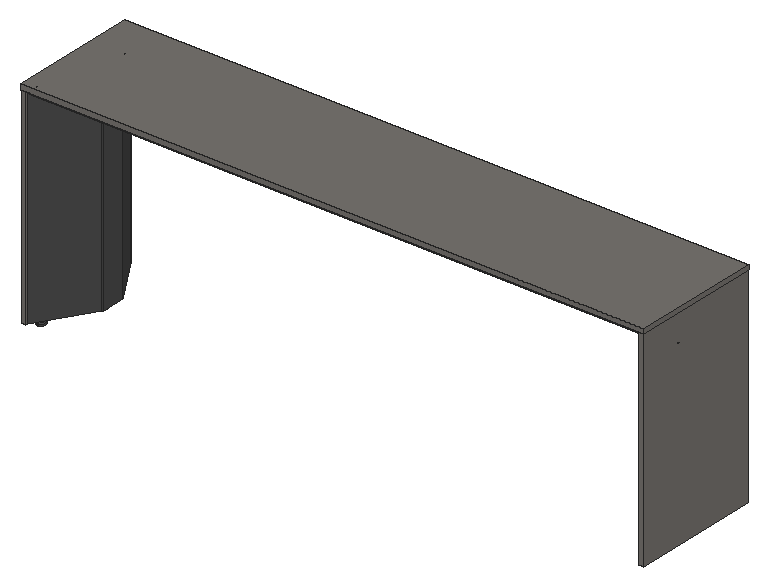
Revit family "revitupgrade", category Furniture, Revit 2018
Family settings
  Work Plane-Based = No
  Always vertical = Yes
  Cut with Voids When Loaded = No
  Shared = No
  Room Calculation Point = No
Parameters (values of type "66W")
  URL = "https://www.steelcase.com"
  Top [instance] = Steelcase - 25L6 Blackwood LPL
  Symbol Name = "TS4TPST"
  Style Number(s) = "TS4TPST"
  Release Date = "April 2018"  # constant formula
  Receptacle = Steelcase - 6249 Platinum Solid
  Product Line = "Turnstone"  # constant formula
  Product = "Campfire"  # constant formula
  Power Cord = Steelcase - 6205 Black
  Opaque [instance] = yes
  Manufacturer = "Steelcase"  # constant formula
  Description = ""
  Copyright = "© 2010 Steelcase Inc."  # constant formula
  AutoCAD Tag = "66/14"
  Authoring Version = "Revit 2016"  # constant formula
  Assembly Code = "E2020200"
Reference planes (in)
  plane 1 "Center Front/Back": y = 0
  plane 2 "Bottom": z = 0
  plane 3 "Center Left/Right": x = 0
  plane 4: x = 66
  plane 5: z = 23.07396
  plane 6: z = 22.559
  plane 7: z = 0.3189
  plane 8: y = -0.0395
  plane 9: y = -13.78576
  plane 10: y = -13.82513
  plane 11: x = 0.07855
  plane 12: x = 65.92143
  plane 13: x = 65.40648
  plane 14: x = 0.59351
  plane 15: x = 0.77099
  plane 16: through (0, -12.76328, 22.1769) normal (0, -0.5736, -0.8192)
  plane 17: through (0, -1.06557, 22.1744) normal (0, -0.5736, 0.8192)
  plane 18: y = -6.91257
Forms (in)
  Extrusion 1, solid, material "Steelcase - 25L6 Blackwood LPL" <- "Top"
    sketch origin (0, 0, 0) x (1, 0, 0) y (0, 1, 0)
      loop
        line (0, -0.0395) -> (0, -13.82513) -> (66, -13.82513) -> (66, -0.0395) -> (0, -0.0395)
    from 22.559 to 23.07396
  Extrusion 2, solid, material "Steelcase - 25L6 Blackwood LPL"
    sketch origin (0, 0, 0) x (1, 0, 0) y (0, 0, 1)
      loop
        line (0.07855, 22.559) -> (0.07855, 0.48902) -> (0.59351, 0.48902) -> (0.59351, 22.559) -> (0.07855, 22.559)
      loop
        line (65.40648, 22.559) -> (65.40648, 0.48902) -> (65.92143, 0.48902) -> (65.92143, 22.559) -> (65.40648, 22.559)
    from 0.0395 to 13.78576
  Extrusion 3, solid, material "Steelcase - 6205 Black" <- "Power Cord"
    sketch origin (0, 0, 0) x (1, 0, 0) y (0, 1, 0)
      loop
        arc (0.59351, -13.6349) -> (0.64317, -13.70086) -> (0.72029, -13.67137) r 0.06863
        line (0.72029, -13.67137) -> (4.05531, -8.16663)
        arc (4.05531, -8.16663) -> (4.10547, -8.05437) -> (4.12264, -7.93262) r 0.44037
        line (4.12264, -7.93262) -> (4.12264, -5.48077)
        arc (4.12264, -5.48077) -> (4.11027, -5.39301) -> (4.07411, -5.3121) r 0.3174
        line (4.07411, -5.3121) -> (0.72112, -0.15522)
        arc (0.72112, -0.15522) -> (0.6435, -0.12554) -> (0.59351, -0.19193) r 0.06908
        line (0.59351, -0.19193) -> (0.59351, -13.6349)
    from 0.48902 to 22.559
  Extrusion 4, solid, material "Steelcase - 6205 Black" <- "Power Cord"
    sketch origin (66, 0, 0) x (-1, 0, 0) y (0, -1, 0)
      loop
        line (0.59352, 13.63489) -> (0.59352, 0.19194)
        arc (0.59352, 0.19194) -> (0.6435, 0.12555) -> (0.72113, 0.15523) r 0.06908
        line (0.72113, 0.15523) -> (4.07411, 5.50035)
        arc (4.07411, 5.50035) -> (4.11027, 5.58126) -> (4.12264, 5.66902) r 0.3174
        line (4.12264, 5.66902) -> (4.12264, 8.12087)
        arc (4.12264, 8.12087) -> (4.10547, 8.24263) -> (4.05531, 8.35489) r 0.44037
        line (4.05531, 8.35489) -> (0.72029, 13.67136)
        arc (0.72029, 13.67136) -> (0.64318, 13.70085) -> (0.59352, 13.63489) r 0.06863
    from 0.48902 to 22.559
  Extrusion 5, solid, material "Steelcase - 6205 Black" <- "Power Cord"
    sketch origin (0, 0, 0) x (0, 1, 0) y (0, 0, 1)
      loop
        line (-0.20242, 22.559) -> (-1.15132, 22.559)
        arc (-1.15132, 22.559) -> (-1.22632, 22.50968) -> (-1.21076, 22.42128) r 0.08169
        line (-1.21076, 22.42128) -> (-1.06924, 22.27112)
        arc (-1.06924, 22.27112) -> (-1.05843, 22.23922) -> (-1.07548, 22.21018) r 0.04049
        line (-1.07548, 22.21018) -> (-5.47515, 19.1295)
        arc (-5.47515, 19.1295) -> (-5.58153, 19.07704) -> (-5.69875, 19.059) r 0.38984
        line (-5.69875, 19.059) -> (-8.14973, 19.059)
        arc (-8.14973, 19.059) -> (-8.24496, 19.07369) -> (-8.33135, 19.11639) r 0.31607
        line (-8.33135, 19.11639) -> (-12.74749, 22.21713)
        arc (-12.74749, 22.21713) -> (-12.76574, 22.24882) -> (-12.75322, 22.28318) r 0.0433
        line (-12.75322, 22.28318) -> (-12.60914, 22.42726)
        arc (-12.60914, 22.42726) -> (-12.59241, 22.51136) -> (-12.66371, 22.559) r 0.07717
        line (-12.66371, 22.559) -> (-13.62482, 22.559)
        arc (-13.62482, 22.559) -> (-13.6991, 22.50755) -> (-13.67706, 22.41992) r 0.07935
        line (-13.67706, 22.41992) -> (-13.49349, 22.25937) -> (-13.65968, 22.4494)
        arc (-13.65968, 22.4494) -> (-13.66679, 22.49761) -> (-13.62582, 22.524) r 0.04498
        line (-13.62582, 22.524) -> (-12.66501, 22.524)
        arc (-12.66501, 22.524) -> (-12.62555, 22.49764) -> (-12.63481, 22.45109) r 0.04271
        line (-12.63481, 22.45109) -> (-12.775, 22.3109)
        arc (-12.775, 22.3109) -> (-12.80038, 22.24117) -> (-12.76328, 22.1769) r 0.0878
        line (-12.76328, 22.1769) -> (-8.35225, 19.08827)
        arc (-8.35225, 19.08827) -> (-8.25528, 19.04045) -> (-8.14841, 19.024) r 0.3554
        line (-8.14841, 19.024) -> (-5.65046, 19.024)
        arc (-5.65046, 19.024) -> (-5.56877, 19.03657) -> (-5.49464, 19.07313) r 0.27165
        line (-5.49464, 19.07313) -> (-1.06557, 22.1744)
        arc (-1.06557, 22.1744) -> (-1.02692, 22.24135) -> (-1.05336, 22.31399) r 0.09146
        line (-1.05336, 22.31399) -> (-1.1922, 22.45283)
        arc (-1.1922, 22.45283) -> (-1.20124, 22.49826) -> (-1.16272, 22.524) r 0.04169
        line (-1.16272, 22.524) -> (-0.19684, 22.524)
        arc (-0.19684, 22.524) -> (-0.15696, 22.4983) -> (-0.16387, 22.45136) r 0.0438
        line (-0.16387, 22.45136) -> (-0.33178, 22.25937) -> (-0.1497, 22.41862)
        arc (-0.1497, 22.41862) -> (-0.12745, 22.50707) -> (-0.20242, 22.559) r 0.08009
    from 0.59351 to 65.40648
  Extrusion 6, solid, material "Steelcase - 6249 Platinum Solid" <- "Receptacle"
    sketch origin (0, -12.76328, 22.1769) x (0, -0.819152, 0.573576) y (-1, 0, 0)
      loop
        line (-2.86306, -31.42039) -> (-4.61306, -31.42039) -> (-4.61306, -34.56436) -> (-2.86306, -34.56436) -> (-2.86306, -31.42039)
    from 0 to 0.04463
  Extrusion 7, solid, material "Steelcase - 6249 Platinum Solid" <- "Receptacle"
    sketch origin (0, -1.06186, 22.1769) x (0, 0.819152, 0.573576) y (1, 0, 0)
      loop
        line (-2.86306, 31.42039) -> (-2.86306, 34.56436) -> (-4.61306, 34.56436) -> (-4.61306, 31.42039) -> (-2.86306, 31.42039)
    from 0 to 0.04463
  Extrusion 8, solid, material "Steelcase - 6249 Platinum Solid" <- "Receptacle"
    sketch origin (0, -12.76328, 22.1769) x (0, -0.819152, 0.573576) y (-1, 0, 0)
      loop
        line (-3.25082, -32.46251) -> (-4.56921, -32.46251) -> (-4.56921, -33.53278) -> (-3.25082, -33.53278) -> (-3.25082, -32.46251)
      loop
        line (-3.44486, -32.68499) -> (-4.02505, -32.68499) -> (-4.02505, -32.8133) -> (-3.44486, -32.8133) -> (-3.44486, -32.68499)
      loop
        line (-3.47839, -33.18299) -> (-3.97839, -33.18299) -> (-3.97839, -33.30767) -> (-3.47839, -33.30767) -> (-3.47839, -33.18299)
      loop
        line (-4.08234, -32.88399) -> (-4.18534, -32.88399) -> (-4.18534, -33.11599) -> (-4.08234, -33.11599) -> (-3.96634, -32.99984) -> (-4.08234, -32.88399)
    from 0 to 0.17324
  Extrusion 9, solid, material "Steelcase - 6249 Platinum Solid" <- "Receptacle"
    sketch origin (0, -1.06186, 22.1769) x (0, 0.819152, 0.573576) y (1, 0, 0)
      loop
        line (-3.25082, 32.46251) -> (-3.25082, 33.53278) -> (-4.56921, 33.53278) -> (-4.56921, 32.46251) -> (-3.25082, 32.46251)
      loop
        line (-3.44486, 32.68499) -> (-3.44486, 32.8133) -> (-4.02505, 32.8133) -> (-4.02505, 32.68499) -> (-3.44486, 32.68499)
      loop
        line (-3.47839, 33.18299) -> (-3.47839, 33.30767) -> (-3.97839, 33.30767) -> (-3.97839, 33.18299) -> (-3.47839, 33.18299)
      loop
        line (-4.08234, 32.88399) -> (-3.96634, 32.99984) -> (-4.08234, 33.11599) -> (-4.18534, 33.11599) -> (-4.18534, 32.88399) -> (-4.08234, 32.88399)
    from 0 to 0.17324
  Revolve 10, solid, material "Steelcase - 6205 Black"
    sketch origin (0.90625, 0, 0) x (0, 1, 0) y (0, 0, 1)
      loop
        line (-1.38728, 1.44086) -> (-1.38728, 0) -> (-0.9493, 0) -> (-0.9493, 0.11883)
        arc (-0.9493, 0.11883) -> (-1.04963, 0.19109) -> (-1.088, 0.30864) r 0.19921
        line (-1.088, 0.30864) -> (-1.088, 0.44428) -> (-1.22845, 0.44428) -> (-1.22845, 1.40005) -> (-1.27149, 1.44086) -> (-1.38728, 1.44086)
      axis (-1.38728, 1.44086) -> (-1.38728, 0)
    angle from 0 to 360
  Revolve 11, solid, material "Steelcase - 6205 Black"
    sketch origin (0.90625, -10.81162, 0) x (0, 1, 0) y (0, 0, 1)
      loop
        line (-1.38728, 1.44086) -> (-1.38728, 0) -> (-0.9493, 0) -> (-0.9493, 0.11883)
        arc (-0.9493, 0.11883) -> (-1.04963, 0.19109) -> (-1.088, 0.30864) r 0.19921
        line (-1.088, 0.30864) -> (-1.088, 0.44428) -> (-1.22845, 0.44428) -> (-1.22845, 1.40005) -> (-1.27149, 1.44086) -> (-1.38728, 1.44086)
      axis (-1.38728, 1.44086) -> (-1.38728, 0)
    angle from 0 to 360
  Revolve 12, solid, material "Steelcase - 6205 Black"
    sketch origin (3.19193, -5.40123, 0) x (0, 1, 0) y (0, 0, 1)
      loop
        line (-1.38728, 1.44086) -> (-1.38728, 0) -> (-0.9493, 0) -> (-0.9493, 0.11883)
        arc (-0.9493, 0.11883) -> (-1.04963, 0.19109) -> (-1.088, 0.30864) r 0.19921
        line (-1.088, 0.30864) -> (-1.088, 0.44428) -> (-1.22845, 0.44428) -> (-1.22845, 1.40005) -> (-1.27149, 1.44086) -> (-1.38728, 1.44086)
      axis (-1.38728, 1.44086) -> (-1.38728, 0)
    angle from 0 to 360
  Revolve 13, solid, material "Steelcase - 6205 Black"
    sketch origin (64.8133, 0, 0) x (0, 1, 0) y (0, 0, -1)
      loop
        line (-1.38728, -1.44086) -> (-1.27149, -1.44086) -> (-1.22845, -1.40005) -> (-1.22845, -0.44428) -> (-1.088, -0.44428) -> (-1.088, -0.30864)
        arc (-1.088, -0.30864) -> (-1.04963, -0.19109) -> (-0.9493, -0.11883) r 0.19921
        line (-0.9493, -0.11883) -> (-0.9493, 0) -> (-1.38728, 0) -> (-1.38728, -1.44086)
      axis (-1.38728, -1.44086) -> (-1.38728, 0)
    angle from 0 to 360
  Revolve 14, solid, material "Steelcase - 6205 Black"
    sketch origin (64.8133, -10.81162, 0) x (0, 1, 0) y (0, 0, -1)
      loop
        line (-1.38728, -1.44086) -> (-1.27149, -1.44086) -> (-1.22845, -1.40005) -> (-1.22845, -0.44428) -> (-1.088, -0.44428) -> (-1.088, -0.30864)
        arc (-1.088, -0.30864) -> (-1.04963, -0.19109) -> (-0.9493, -0.11883) r 0.19921
        line (-0.9493, -0.11883) -> (-0.9493, 0) -> (-1.38728, 0) -> (-1.38728, -1.44086)
      axis (-1.38728, -1.44086) -> (-1.38728, 0)
    angle from 0 to 360
  Revolve 15, solid, material "Steelcase - 6205 Black"
    sketch origin (62.52762, -5.40123, 0) x (0, 1, 0) y (0, 0, -1)
      loop
        line (-1.38728, -1.44086) -> (-1.27149, -1.44086) -> (-1.22845, -1.40005) -> (-1.22845, -0.44428) -> (-1.088, -0.44428) -> (-1.088, -0.30864)
        arc (-1.088, -0.30864) -> (-1.04963, -0.19109) -> (-0.9493, -0.11883) r 0.19921
        line (-0.9493, -0.11883) -> (-0.9493, 0) -> (-1.38728, 0) -> (-1.38728, -1.44086)
      axis (-1.38728, -1.44086) -> (-1.38728, 0)
    angle from 0 to 360
Lines and regions (in)
  Masking region 1, visible <- "Opaque"
    outline origin (0, 0, 0) x (1, 0, 0) y (0, 1, 0)
      loop
        line (66, 0) -> (0, 0) -> (0, -13.82513) -> (66, -13.82513) -> (66, 0)
  symbolic lines, style "Steelcase Furniture"
    curve 1: line (0, 0, 0) -> (66, 0, 0)
    curve 2: line (0, -13.82513, 0) -> (0, 0, 0)
    curve 3: line (66, -13.82513, 0) -> (0, -13.82513, 0)
    curve 4: line (66, 0, 0) -> (66, -13.82513, 0)
Dimensions and locks (in)
  locked: plane 7 to plane 2 "Bottom" at 0.3189
  plane 3 "Center Left/Right" to plane 11 to plane 14 = 0.07855" locked, 0.51496" locked
  plane 13 to plane 12 to plane 4 = 0.51495" locked, 0.07857" locked
  equal spacing: plane 1 "Center Front/Back", plane 18, plane 10
  aligned and locked: level to plane 2 "Bottom"
  aligned and locked: plane 5 to Extrusion 1
  aligned and locked: Extrusion 1 to plane 6
  aligned and locked: Extrusion 1 to plane 8
  aligned and locked: plane 9 to Extrusion 2
  aligned and locked: plane 10 to Extrusion 1
  aligned and locked: plane 6 to Extrusion 2  (x2)
  aligned and locked: Extrusion 2 to plane 9  (x2)
  aligned and locked: Extrusion 2 to plane 8
  aligned and locked: plane 14 to Extrusion 3 sketch curve
  aligned and locked: plane 6 to Extrusion 3
  aligned and locked: Extrusion 4 to plane 13
  aligned and locked: plane 13 to Extrusion 2
  aligned and locked: plane 14 to Extrusion 2
Automatic sketch dimensions
  curve 3 to plane 3 "Center Left/Right" = 0.00"
  curve 3 to plane 4 = 0.00"
  plane 10 to curve 3 = 0.00"
  plane 1 "Center Front/Back" to curve 2 = 0.00"
  Extrusion 1 sketch curve to plane 3 "Center Left/Right" = 0.00"
  Extrusion 1 sketch curve to plane 4 = 0.00"
  plane 10 to Extrusion 1 sketch curve = 0.00"
  plane 8 to Extrusion 1 sketch curve = 0.00"
  Extrusion 2 sketch curve to plane 11 = 0.00"
  Extrusion 2 sketch curve to plane 14 = 0.00"
  Extrusion 2 sketch curve to plane 6 = 0.00"  (x2)
  plane 13 to Extrusion 2 sketch curve = 0.00"
  plane 12 to Extrusion 2 sketch curve = 0.00"
  plane 7 to Extrusion 2 sketch curve = 0.17012"  (x2)
  plane 1 "Center Front/Back" to Masking region 1 sketch curve = 0.00"
  Masking region 1 sketch curve to plane 3 "Center Left/Right" = 0.00"
  Masking region 1 sketch curve to plane 4 = 0.00"
  plane 10 to Masking region 1 sketch curve = 0.00"
  Extrusion 3 sketch curve to Extrusion 3 sketch curve = 0.06863"
  Extrusion 3 sketch curve to Extrusion 3 sketch curve = 0.06908"
  Extrusion 3 sketch curve to plane 15 = 0.0507"
  Extrusion 3 sketch curve to plane 15 = 0.04987"
  plane 15 to Extrusion 3 sketch curve = 2.91128"
  Extrusion 3 sketch curve to Extrusion 3 sketch curve = 0.12296"
  plane 18 to Extrusion 3 sketch curve = 1.25407"
  Extrusion 3 sketch curve to Extrusion 3 sketch curve = 0.37305"
  Extrusion 3 sketch curve to plane 18 = 1.60047"
  Extrusion 3 sketch curve to Extrusion 3 sketch curve = 0.26888"
  Extrusion 3 sketch curve to Extrusion 3 sketch curve = 0.04852"
  Extrusion 3 sketch curve to plane 9 = 0.15086"
  plane 8 to Extrusion 3 sketch curve = 0.15243"
  Extrusion 4 sketch curve to plane 13 = 0.00"
  Extrusion 4 sketch curve to Extrusion 4 sketch curve = 0.06863"
  Extrusion 4 sketch curve to Extrusion 4 sketch curve = 0.06908"
  plane 9 to Extrusion 4 sketch curve = 0.1144"
  Extrusion 4 sketch curve to Extrusion 4 sketch curve = 0.05814"
  Extrusion 4 sketch curve to plane 8 = 0.11573"
  Extrusion 4 sketch curve to Extrusion 4 sketch curve = 0.05852"
  Extrusion 4 sketch curve to plane 13 = 3.08875"
  Extrusion 4 sketch curve to Extrusion 4 sketch curve = 0.12296"
  Extrusion 4 sketch curve to plane 18 = 1.44232"
  Extrusion 4 sketch curve to Extrusion 4 sketch curve = 0.37305"
  plane 18 to Extrusion 4 sketch curve = 1.41222"
  Extrusion 4 sketch curve to Extrusion 4 sketch curve = 0.26888"
  Extrusion 4 sketch curve to Extrusion 4 sketch curve = 0.04852"
  plane 6 to Extrusion 5 sketch curve = 0.00"  (x2)
  Extrusion 5 sketch curve to plane 16 = 0.00"
  plane 16 to Extrusion 5 sketch curve = 0.00"
  Extrusion 5 sketch curve to plane 17 = 0.00"
  Extrusion 5 sketch curve to plane 9 = 0.1087"
  Extrusion 5 sketch curve to Extrusion 5 sketch curve = 0.01738"
  Extrusion 5 sketch curve to Extrusion 5 sketch curve = 0.03386"
  Extrusion 5 sketch curve to Extrusion 5 sketch curve = 0.001"
  Extrusion 5 sketch curve to Extrusion 5 sketch curve = 0.18357"
  Extrusion 5 sketch curve to plane 6 = 0.2481"
  Extrusion 5 sketch curve to Extrusion 5 sketch curve = 0.71849"
  Extrusion 5 sketch curve to plane 6 = 0.3821"
  Extrusion 5 sketch curve to plane 6 = 0.27582"
  Extrusion 5 sketch curve to Extrusion 5 sketch curve = 0.02177"
  Extrusion 5 sketch curve to plane 6 = 0.34187"
  Extrusion 5 sketch curve to Extrusion 5 sketch curve = 0.01579"
  Extrusion 5 sketch curve to Extrusion 5 sketch curve = 0.03062"
  Extrusion 5 sketch curve to Extrusion 5 sketch curve = 0.00969"
  Extrusion 5 sketch curve to plane 6 = 0.035"  (x2)
  Extrusion 5 sketch curve to Extrusion 5 sketch curve = 0.10999"
  Extrusion 5 sketch curve to Extrusion 5 sketch curve = 0.0013"
  Extrusion 5 sketch curve to plane 6 = 0.10791"
  Extrusion 5 sketch curve to Extrusion 5 sketch curve = 0.0289"
  Extrusion 5 sketch curve to plane 6 = 0.13174"
  Extrusion 5 sketch curve to Extrusion 5 sketch curve = 0.02567"
  plane 18 to Extrusion 5 sketch curve = 1.43969"
  Extrusion 5 sketch curve to Extrusion 5 sketch curve = 0.0209"
  Extrusion 5 sketch curve to Extrusion 5 sketch curve = 0.18162"
  Extrusion 5 sketch curve to Extrusion 5 sketch curve = 0.00132"
  Extrusion 5 sketch curve to plane 18 = 1.21381"
  Extrusion 5 sketch curve to Extrusion 5 sketch curve = 0.0483"
  Extrusion 5 sketch curve to Extrusion 5 sketch curve = 0.15581"
  Extrusion 5 sketch curve to Extrusion 5 sketch curve = 0.01949"
  Extrusion 5 sketch curve to plane 6 = 0.13771"
  plane 8 to Extrusion 5 sketch curve = 1.17126"
  Extrusion 5 sketch curve to plane 6 = 0.10617"
  Extrusion 5 sketch curve to Extrusion 5 sketch curve = 0.01856"
  Extrusion 5 sketch curve to Extrusion 5 sketch curve = 0.02948"  (x2)
  Extrusion 5 sketch curve to Extrusion 5 sketch curve = 0.0114"
  Extrusion 5 sketch curve to Extrusion 5 sketch curve = 0.09273"
  Extrusion 5 sketch curve to Extrusion 5 sketch curve = 0.01933"
  Extrusion 5 sketch curve to plane 6 = 0.34881"
  Extrusion 5 sketch curve to Extrusion 5 sketch curve = 0.02322"
  Extrusion 5 sketch curve to plane 6 = 0.28788"
  Extrusion 5 sketch curve to Extrusion 5 sketch curve = 0.02946"
  Extrusion 5 sketch curve to plane 6 = 0.3846"
  Extrusion 5 sketch curve to plane 6 = 0.24501"
  Extrusion 5 sketch curve to Extrusion 5 sketch curve = 0.01588"
  plane 8 to Extrusion 5 sketch curve = 0.29227"
  Extrusion 5 sketch curve to plane 6 = 0.08009"
  plane 8 to Extrusion 5 sketch curve = 0.16292"
  Extrusion 5 sketch curve to Extrusion 5 sketch curve = 0.00558"
  Extrusion 5 sketch curve to Extrusion 5 sketch curve = 0.03297"
  Extrusion 5 sketch curve to Extrusion 5 sketch curve = 0.01417"
  Extrusion 5 sketch curve to Extrusion 5 sketch curve = 0.01515"
  Extrusion 5 sketch curve to Extrusion 5 sketch curve = 0.01413"
  Extrusion 5 sketch curve to Extrusion 5 sketch curve = 0.035"
  Extrusion 5 sketch curve to Extrusion 5 sketch curve = 0.02812"
  Extrusion 5 sketch curve to Extrusion 5 sketch curve = 0.05637"
  Extrusion 5 sketch curve to Extrusion 5 sketch curve = 0.15925"
  Extrusion 5 sketch curve to Extrusion 5 sketch curve = 0.26463"
  Extrusion 5 sketch curve to Extrusion 5 sketch curve = 0.10408"
  Extrusion 5 sketch curve to Extrusion 5 sketch curve = 0.03274"
  plane 15 to Extrusion 6 sketch curve = 30.6494"
  Extrusion 6 sketch curve to Extrusion 6 sketch curve = 1.75"
  Extrusion 6 sketch curve to Extrusion 6 sketch curve = 3.14397"
  plane 15 to Extrusion 7 sketch curve = 30.6494"
  Extrusion 7 sketch curve to Extrusion 7 sketch curve = 1.75"
  Extrusion 7 sketch curve to Extrusion 7 sketch curve = 3.14397"
  plane 15 to Extrusion 8 sketch curve = 31.69152"
  Extrusion 8 sketch curve to Extrusion 8 sketch curve = 0.38387"
  plane 13 to Extrusion 8 sketch curve = 32.29049"
  Extrusion 8 sketch curve to Extrusion 8 sketch curve = 0.00"
  Extrusion 8 sketch curve to Extrusion 8 sketch curve = 0.103"  (x2)
  Extrusion 8 sketch curve to Extrusion 8 sketch curve = 0.05729"
  Extrusion 8 sketch curve to Extrusion 8 sketch curve = 0.10394"
  plane 15 to Extrusion 8 sketch curve = 32.22885"
  Extrusion 8 sketch curve to Extrusion 8 sketch curve = 0.116"
  Extrusion 8 sketch curve to Extrusion 8 sketch curve = 0.50"
  Extrusion 8 sketch curve to Extrusion 8 sketch curve = 0.03354"
  Extrusion 8 sketch curve to Extrusion 8 sketch curve = 0.19404"
  Extrusion 8 sketch curve to Extrusion 8 sketch curve = 0.067"
  Extrusion 8 sketch curve to Extrusion 8 sketch curve = 0.12468"
  Extrusion 8 sketch curve to Extrusion 8 sketch curve = 0.41679"
  Extrusion 8 sketch curve to Extrusion 8 sketch curve = 0.11585"
  Extrusion 8 sketch curve to Extrusion 8 sketch curve = 0.07069"
  Extrusion 8 sketch curve to Extrusion 8 sketch curve = 0.12831"
  plane 15 to Extrusion 9 sketch curve = 31.69152"
  Extrusion 9 sketch curve to Extrusion 9 sketch curve = 0.38387"
  plane 13 to Extrusion 9 sketch curve = 32.29049"
  Extrusion 9 sketch curve to Extrusion 9 sketch curve = 0.00"
  Extrusion 9 sketch curve to Extrusion 9 sketch curve = 0.103"  (x2)
  Extrusion 9 sketch curve to Extrusion 9 sketch curve = 0.05729"
  Extrusion 9 sketch curve to Extrusion 9 sketch curve = 0.10394"
  plane 15 to Extrusion 9 sketch curve = 32.22885"
  Extrusion 9 sketch curve to Extrusion 9 sketch curve = 0.116"
  Extrusion 9 sketch curve to Extrusion 9 sketch curve = 0.50"
  Extrusion 9 sketch curve to Extrusion 9 sketch curve = 0.03354"
  Extrusion 9 sketch curve to Extrusion 9 sketch curve = 0.19404"
  Extrusion 9 sketch curve to Extrusion 9 sketch curve = 0.22248"
  Extrusion 9 sketch curve to Extrusion 9 sketch curve = 0.12831"
  Extrusion 9 sketch curve to Extrusion 9 sketch curve = 0.07069"
  Extrusion 9 sketch curve to Extrusion 9 sketch curve = 0.067"
  Extrusion 9 sketch curve to Extrusion 9 sketch curve = 0.12468"
  Extrusion 9 sketch curve to Extrusion 9 sketch curve = 0.22511"
  level to Revolve 10 sketch curve = 0.00"
  plane 8 to Revolve 10 sketch curve = 1.34777"
  Revolve 10 sketch curve to Revolve 10 sketch curve = 0.11579"
  Revolve 10 sketch curve to Revolve 10 sketch curve = 0.04304"
  Revolve 10 sketch curve to Revolve 10 sketch curve = 0.14045"
  Revolve 10 sketch curve to Revolve 10 sketch curve = 0.13871"
  Revolve 10 sketch curve to plane 7 = 0.01026"
  Revolve 10 sketch curve to Revolve 10 sketch curve = 0.19921"
  plane 7 to Revolve 10 sketch curve = 0.12538"
  Revolve 10 sketch curve to Revolve 10 sketch curve = 0.95577"
  Revolve 10 sketch curve to Revolve 10 sketch curve = 0.04081"
  Revolve 10 sketch curve to Revolve 10 sketch curve = 0.00"  (x2)
  Revolve 10 sketch curve to Revolve 10 sketch curve = 0.14577"
  level to Revolve 11 sketch curve = 0.00"
  Revolve 11 sketch curve to plane 9 = 1.58687"
  Revolve 11 sketch curve to Revolve 11 sketch curve = 0.11579"
  Revolve 11 sketch curve to Revolve 11 sketch curve = 0.04304"
  Revolve 11 sketch curve to Revolve 11 sketch curve = 0.14045"
  Revolve 11 sketch curve to Revolve 11 sketch curve = 0.13871"
  Revolve 11 sketch curve to plane 7 = 0.01026"
  Revolve 11 sketch curve to Revolve 11 sketch curve = 0.19921"
  plane 7 to Revolve 11 sketch curve = 0.12538"
  Revolve 11 sketch curve to Revolve 11 sketch curve = 0.95577"
  Revolve 11 sketch curve to Revolve 11 sketch curve = 0.04081"
  Revolve 11 sketch curve to Revolve 11 sketch curve = 0.00"  (x2)
  Revolve 11 sketch curve to Revolve 11 sketch curve = 0.14577"
  level to Revolve 12 sketch curve = 0.00"
  Revolve 12 sketch curve to plane 18 = 0.12406"
  Revolve 12 sketch curve to Revolve 12 sketch curve = 0.11579"
  Revolve 12 sketch curve to Revolve 12 sketch curve = 0.04304"
  Revolve 12 sketch curve to Revolve 12 sketch curve = 0.14045"
  Revolve 12 sketch curve to Revolve 12 sketch curve = 0.13871"
  Revolve 12 sketch curve to plane 7 = 0.01026"
  Revolve 12 sketch curve to Revolve 12 sketch curve = 0.19921"
  plane 7 to Revolve 12 sketch curve = 0.12538"
  Revolve 12 sketch curve to Revolve 12 sketch curve = 0.95577"
  Revolve 12 sketch curve to Revolve 12 sketch curve = 0.04081"
  Revolve 12 sketch curve to Revolve 12 sketch curve = 0.00"  (x2)
  Revolve 12 sketch curve to Revolve 12 sketch curve = 0.14577"
  Revolve 13 sketch curve to level = 0.00"
  plane 8 to Revolve 13 sketch curve = 1.34777"
  Revolve 13 sketch curve to Revolve 13 sketch curve = 0.11579"
  Revolve 13 sketch curve to Revolve 13 sketch curve = 0.04304"
  Revolve 13 sketch curve to Revolve 13 sketch curve = 0.14045"
  Revolve 13 sketch curve to Revolve 13 sketch curve = 0.13871"
  Revolve 13 sketch curve to plane 7 = 0.01026"
  Revolve 13 sketch curve to Revolve 13 sketch curve = 0.19921"
  plane 7 to Revolve 13 sketch curve = 0.12538"
  Revolve 13 sketch curve to Revolve 13 sketch curve = 0.95577"
  Revolve 13 sketch curve to Revolve 13 sketch curve = 0.04081"
  Revolve 13 sketch curve to Revolve 13 sketch curve = 0.00"  (x2)
  Revolve 13 sketch curve to Revolve 13 sketch curve = 0.14577"
  Revolve 14 sketch curve to level = 0.00"
  Revolve 14 sketch curve to plane 9 = 1.58687"
  Revolve 14 sketch curve to Revolve 14 sketch curve = 0.11579"
  Revolve 14 sketch curve to Revolve 14 sketch curve = 0.04304"
  Revolve 14 sketch curve to Revolve 14 sketch curve = 0.14045"
  Revolve 14 sketch curve to Revolve 14 sketch curve = 0.13871"
  Revolve 14 sketch curve to plane 7 = 0.01026"
  Revolve 14 sketch curve to Revolve 14 sketch curve = 0.19921"
  plane 7 to Revolve 14 sketch curve = 0.12538"
  Revolve 14 sketch curve to Revolve 14 sketch curve = 0.95577"
  Revolve 14 sketch curve to Revolve 14 sketch curve = 0.04081"
  Revolve 14 sketch curve to Revolve 14 sketch curve = 0.00"  (x2)
  Revolve 14 sketch curve to Revolve 14 sketch curve = 0.14577"
  Revolve 15 sketch curve to level = 0.00"
  Revolve 15 sketch curve to plane 18 = 0.12406"
  Revolve 15 sketch curve to Revolve 15 sketch curve = 0.11579"
  Revolve 15 sketch curve to Revolve 15 sketch curve = 0.04304"
  Revolve 15 sketch curve to Revolve 15 sketch curve = 0.14045"
  Revolve 15 sketch curve to Revolve 15 sketch curve = 0.13871"
  Revolve 15 sketch curve to plane 7 = 0.01026"
  Revolve 15 sketch curve to Revolve 15 sketch curve = 0.19921"
  plane 7 to Revolve 15 sketch curve = 0.12538"
  Revolve 15 sketch curve to Revolve 15 sketch curve = 0.95577"
  Revolve 15 sketch curve to Revolve 15 sketch curve = 0.04081"
  Revolve 15 sketch curve to Revolve 15 sketch curve = 0.00"  (x2)
  Revolve 15 sketch curve to Revolve 15 sketch curve = 0.14577"
